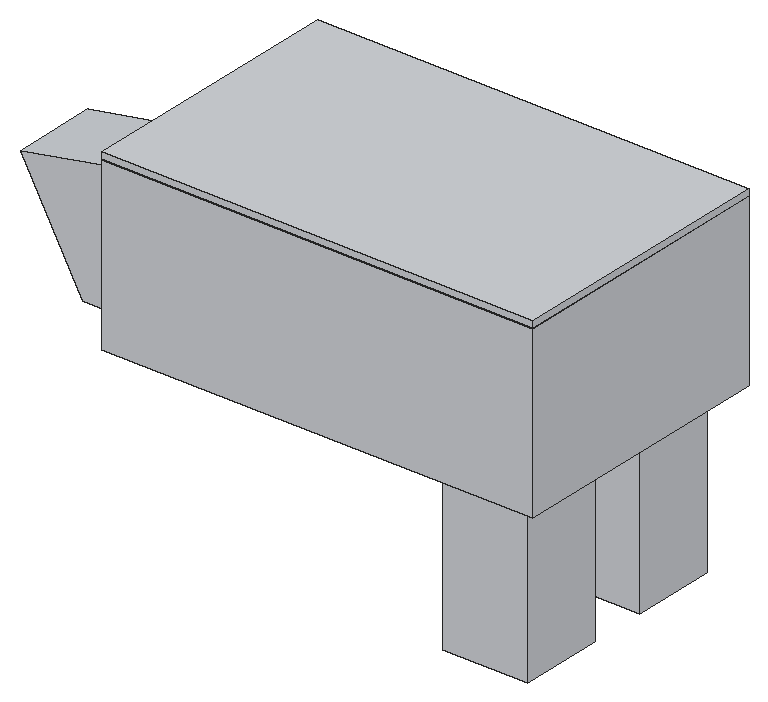
Revit family "AHU 4 _4", category Mechanické zařízení, Revit 2018
Family settings
  Kóta kulaté spojky = Použít průměr
  Typ dílu = Normální
  Číslo OmniClass = 23.75.00.00
  Nadpis OmniClass = Climate Control (HVAC)
  Založené na pracovní rovině = Ne
  Vždy vertikální = Ano
  Ořezat dutým tvarem při načtení = Ne
  Sdílené = Ne
  Bod výpočtu místnosti = Ne
Parameters (values of type "DUPLEXVENT 4500 Multi Eco-N")
  Width [instance] = 1.605 mm
  Weight [instance] = 589.00 kg
  URL = ""
  Type [instance] = "DUPLEXVENT 4500 Multi Eco-N"
  Total_SFP [instance] = 0
  Supply_outlet_hum [instance] = 90
  Supply_inlet_hum [instance] = 90
  Supply_ext_pressure [instance] = 0.0 Pa
  Supply_SFP [instance] = 0
  Source_adu_file [instance] = ""
  Recuperation_type [instance] = "Plate heat recovery exchanger"
  Recuperation_efficiency_EN308 [instance] = 0
  Project_name [instance] = ""
  Project_date [instance] = "9.8.2023"
  Power_supply_fusing [instance] = "0"
  Power_supply_cable [instance] = "0"
  Position [instance] = "AHU 4 "
  Phases_count [instance] = 3
  Panel_thickness [instance] = 0.06 mm
  Outer_surface [instance] = "RAL 9002"
  Length [instance] = 2.56 mm
  Insulation_type [instance] = "PUR"
  Insulation_thickness [instance] = 0.05 mm
  Installation_environment [instance] = ""
  Input_power_max [instance] = 5000 W
  Inner_surface [instance] = "Pozink"
  I2 [instance] = I1  # 0.0 L/s
  Height [instance] = 1.51 mm
  Exhaust_outlet_hum [instance] = 40
  Exhaust_inlet_hum [instance] = 40
  Exhaust_ext_pressure [instance] = 0.0 Pa
  Exhaust_SFP [instance] = 0
  E1 [instance] = E2 - M1  # 0.0 L/s
  E2 [instance] = 0.0 L/s
  I1 [instance] = 0.0 L/s
  Description = ""
  M1 [instance] = 0.0 L/s
  Device_dutypoint_version [instance] = "0"
  Device_design_version [instance] = "10"
  Device_adu_id [instance] = "4"
  Current_max [instance] = 7.6 A
  Casing_mat [instance] = "painted zinc layer"
  Cable type [instance] = ""
Reference planes
  plane 1 "Střed (vpředu/vzadu)": y = 0
  plane 2 "ref": z = 0
  plane 3 "Střed (vlevo/vpravo)": x = 0
Forms (mm)
  Sweep 1, solid
    path origin (0, 0, -1010) x (0, 0, 1) y (1, 0, 0)
      loop
        line (0, 0) -> (1010, 0)
    profile origin (0, 0, -1010) x (1, 0, 0) y (0, 1, 0)
      loop
        line (0, 0) -> (2560, 0) -> (2560, 1605) -> (0, 1605) -> (0, 0)
  Sweep 2, solid
    path origin (0, 0, 0) x (0, 0, 1) y (1, 0, 0)
      loop
        line (0, 0) -> (40, 0)
    profile origin (0, 0, 0) x (1, 0, 0) y (0, 1, 0)
      loop
        line (0, 0) -> (2560, 0) -> (2560, 1605) -> (0, 1605) -> (0, 0)
  Sweep 3, solid
    path origin (-310, 670, -520) x (1, 0, 0) y (0, 1, 0)
      loop
        line (0, 0) -> (0, -500)
    profile origin (-310, 670, -520) x (1, 0, 0) y (0, 0, 1)
      loop
        line (309, 395) -> (-310, 277) -> (62, -395) -> (310, -395) -> (309, 395)
  Sweep 4, solid
    path origin (0, 420, -520) x (0, 1, 0) y (-1, 0, 0)
      loop
        line (0, 0) -> (0, 1)
    profile origin (0, 420, -520) x (0, -1, 0) y (0, 0, 1)
      loop
        line (-250, -395) -> (250, -395) -> (250, 395) -> (-250, 395) -> (-250, -395)
  Sweep 5, solid
    path origin (2182, 1206, -1010) x (0, 0, -1) y (1, 0, 0)
      loop
        line (0, 0) -> (975, 0)
    profile origin (2182, 1206, -1010) x (0, -1, 0) y (1, 0, 0)
      loop
        line (-250, 250) -> (-250, -250) -> (250, -250) -> (250, 250) -> (-250, 250)
  Sweep 6, solid
    path origin (2182, 373, -1010) x (0, 0, -1) y (1, 0, 0)
      loop
        line (0, 0) -> (975, 0)
    profile origin (2182, 373, -1010) x (0, -1, 0) y (1, 0, 0)
      loop
        line (-250, 250) -> (-250, -250) -> (250, -250) -> (250, 250) -> (-250, 250)
  Sweep 7, solid
    path origin (65, 1855, -622) x (1, 0, 0) y (0, 1, 0)
      loop
        line (0, 0) -> (790, 0)
    profile origin (65, 1855, -622) x (0, 1, 0) y (0, 0, 1)
      loop
        line (-250, -388) -> (250, -388) -> (250, 138) -> (0, 388) -> (-250, 388) -> (-250, -388)
  Sweep 8, solid
    path origin (0, 0, -1010) x (0, 0, 1) y (1, 0, 0)
      loop
        line (0, 0) -> (775, 0)
    profile origin (0, 0, -1010) x (1, 0, 0) y (0, 1, 0)
      loop
        line (65, 1605) -> (855, 1605) -> (855, 1606) -> (65, 1606) -> (65, 1605)
  Sweep 9, solid
    path origin (113, 1492, -1010) x (0, -1, 0) y (0, 0, 1)
      loop
        line (0, 0) -> (0, -150)
    profile origin (113, 1492, -1010) x (-1, 0, 0) y (0, -1, 0)
      loop
        circle (0, 0) r 25
  Sweep 10, solid
    path origin (1321, 1492, -1010) x (0, -1, 0) y (0, 0, 1)
      loop
        line (0, 0) -> (0, -150)
    profile origin (1321, 1492, -1010) x (-1, 0, 0) y (0, -1, 0)
      loop
        circle (0, 0) r 25
  Sweep 11, solid
    path origin (0, 0, 5) x (0, 0, 1) y (1, 0, 0)
      loop
        line (0, 0) -> (35, 0)
    profile origin (0, 0, 5) x (1, 0, 0) y (0, 1, 0)
      loop
        line (0, 0) -> (2560, 0) -> (2560, 1605) -> (0, 1605) -> (0, 0)
Lines and regions (mm)
  model lines, style "Symbol"
    curve 1: line (1050, 0, 40) -> (1050, 321, 40)
    curve 2: line (1050, 1605, 40) -> (1050, 1284, 40)
    curve 3: line (0, 802, 40) -> (568, 802, 40)
    curve 4: line (2560, 802, 40) -> (1531, 802, 40)
    curve 5: line (568, 802, 40) -> (809, 1284, 40)
    curve 6: line (809, 1284, 40) -> (1290, 1284, 40)
    curve 7: line (1290, 1284, 40) -> (1531, 802, 40)
    curve 8: line (1531, 802, 40) -> (1290, 321, 40)
    curve 9: line (1290, 321, 40) -> (1050, 321, 40)
    curve 10: line (1050, 321, 40) -> (809, 321, 40)
    curve 11: line (809, 321, 40) -> (568, 802, 40)
    curve 12: line (2207, 1318, 40) -> (2464, 1274, 40)
    curve 13: line (2207, 1089, 40) -> (2464, 1133, 40)
    curve 14: line (126, 1091, 40) -> (170, 1348, 40)
    curve 15: line (355, 1091, 40) -> (311, 1348, 40)
    curve 16: line (51, 161, 40) -> (51, 642, 40)
    curve 17: line (51, 642, 40) -> (205, 642, 40)
    curve 18: line (205, 642, 40) -> (205, 161, 40)
    curve 19: line (205, 161, 40) -> (51, 161, 40)
    curve 20: line (128, 161, 40) -> (205, 401, 40)
    curve 21: line (128, 642, 40) -> (205, 401, 40)
    curve 22: line (2509, 642, 40) -> (2509, 161, 40)
    curve 23: line (2509, 161, 40) -> (2355, 161, 40)
    curve 24: line (2355, 161, 40) -> (2355, 642, 40)
    curve 25: line (2355, 642, 40) -> (2509, 642, 40)
    curve 26: line (2432, 642, 40) -> (2355, 401, 40)
    curve 27: line (2432, 161, 40) -> (2355, 401, 40)
    curve 28: line (722, 281, 40) -> (503, 710, 40)
    curve 29: line (503, 710, 40) -> (575, 746, 40)
    curve 30: line (575, 746, 40) -> (793, 317, 40)
    curve 31: line (793, 317, 40) -> (722, 281, 40)
    curve 32: line (591, 556, 40) -> (619, 643, 40)
    curve 33: line (678, 385, 40) -> (706, 471, 40)
    curve 34: line (80, 1492, -1010) -> (146, 1492, -1010)
    curve 35: line (113, 1459, -1010) -> (113, 1525, -1010)
    curve 36: line (1288, 1492, -1010) -> (1354, 1492, -1010)
    curve 37: line (1321, 1459, -1010) -> (1321, 1525, -1010)
    curve 38: line (0, 0, 1000) -> (0, 0, 0)
    curve 39: line (2560, 0, 1000) -> (2560, 0, 0)
    curve 40: line (0, 0, 1000) -> (2560, 0, 1000)
    curve 41: line (0, 1605, 1000) -> (0, 1605, 0)
    curve 42: line (2560, 1605, 1000) -> (2560, 1605, 0)
    curve 43: line (0, 1605, 1000) -> (2560, 1605, 1000)
    curve 44: line (0, 0, 1000) -> (0, 1605, 1000)
    curve 45: line (2560, 0, 1000) -> (2560, 1605, 1000)
    curve 46: line (0, 1405, 1000) -> (200, 1605, 1000)
    curve 47: line (0, 1205, 1000) -> (400, 1605, 1000)
    curve 48: line (0, 1005, 1000) -> (600, 1605, 1000)
    curve 49: line (0, 805, 1000) -> (800, 1605, 1000)
    curve 50: line (0, 605, 1000) -> (1000, 1605, 1000)
    curve 51: line (0, 405, 1000) -> (1200, 1605, 1000)
    curve 52: line (0, 205, 1000) -> (1400, 1605, 1000)
    curve 53: line (0, 5, 1000) -> (1600, 1605, 1000)
    curve 54: line (195, 0, 1000) -> (1800, 1605, 1000)
    curve 55: line (395, 0, 1000) -> (2000, 1605, 1000)
    curve 56: line (595, 0, 1000) -> (2200, 1605, 1000)
    curve 57: line (795, 0, 1000) -> (2400, 1605, 1000)
    curve 58: line (995, 0, 1000) -> (2560, 1565, 1000)
    curve 59: line (1195, 0, 1000) -> (2560, 1365, 1000)
    curve 60: line (1395, 0, 1000) -> (2560, 1165, 1000)
    curve 61: line (1595, 0, 1000) -> (2560, 965, 1000)
    curve 62: line (1795, 0, 1000) -> (2560, 765, 1000)
    curve 63: line (1995, 0, 1000) -> (2560, 565, 1000)
    curve 64: line (2195, 0, 1000) -> (2560, 365, 1000)
    curve 65: line (2395, 0, 1000) -> (2560, 165, 1000)
    curve 66: line (2560, 1405, 1000) -> (2560, 1605, 800)
    curve 67: line (2560, 1205, 1000) -> (2560, 1605, 600)
    curve 68: line (2560, 1005, 1000) -> (2560, 1605, 400)
    curve 69: line (2560, 805, 1000) -> (2560, 1605, 200)
    curve 70: line (2560, 605, 1000) -> (2560, 1605, 0)
    curve 71: line (2560, 405, 1000) -> (2560, 1405, 0)
    curve 72: line (2560, 205, 1000) -> (2560, 1205, 0)
    curve 73: line (2560, 5, 1000) -> (2560, 1005, 0)
    curve 74: line (2560, 0, 805) -> (2560, 805, 0)
    curve 75: line (2560, 0, 605) -> (2560, 605, 0)
    curve 76: line (2560, 0, 405) -> (2560, 405, 0)
    curve 77: line (2560, 0, 205) -> (2560, 205, 0)
    curve 78: line (2560, 0, 5) -> (2560, 5, 0)
    curve 79: line (0, 1605, 800) -> (200, 1605, 1000)
    curve 80: line (0, 1605, 600) -> (400, 1605, 1000)
    curve 81: line (0, 1605, 400) -> (600, 1605, 1000)
    curve 82: line (0, 1605, 200) -> (800, 1605, 1000)
    curve 83: line (0, 1605, 0) -> (1000, 1605, 1000)
    curve 84: line (200, 1605, 0) -> (1200, 1605, 1000)
    curve 85: line (400, 1605, 0) -> (1400, 1605, 1000)
    curve 86: line (600, 1605, 0) -> (1600, 1605, 1000)
    curve 87: line (800, 1605, 0) -> (1800, 1605, 1000)
    curve 88: line (1000, 1605, 0) -> (2000, 1605, 1000)
    curve 89: line (1200, 1605, 0) -> (2200, 1605, 1000)
    curve 90: line (1400, 1605, 0) -> (2400, 1605, 1000)
    curve 91: line (1600, 1605, 0) -> (2560, 1605, 960)
    curve 92: line (1800, 1605, 0) -> (2560, 1605, 760)
    curve 93: line (2000, 1605, 0) -> (2560, 1605, 560)
    curve 94: line (2200, 1605, 0) -> (2560, 1605, 360)
    curve 95: line (2400, 1605, 0) -> (2560, 1605, 160)
    curve 96: line (0, -700, -1010) -> (0, 0, -1010)
    curve 97: line (2560, -700, -1010) -> (2560, 0, -1010)
    curve 98: line (0, -700, -1010) -> (2560, -700, -1010)
    curve 99: line (0, -700, 0) -> (0, 0, 0)
    curve 100: line (2560, -700, 0) -> (2560, 0, 0)
    curve 101: line (0, -700, 0) -> (2560, -700, 0)
    curve 102: line (0, -700, -1010) -> (0, -700, 0)
    curve 103: line (2560, -700, -1010) -> (2560, -700, 0)
    curve 104: line (0, -700, -200) -> (200, -700, 0)
    curve 105: line (0, -700, -400) -> (400, -700, 0)
    curve 106: line (0, -700, -600) -> (600, -700, 0)
    curve 107: line (0, -700, -800) -> (800, -700, 0)
    curve 108: line (0, -700, -1000) -> (1000, -700, 0)
    curve 109: line (190, -700, -1010) -> (1200, -700, 0)
    curve 110: line (390, -700, -1010) -> (1400, -700, 0)
    curve 111: line (590, -700, -1010) -> (1600, -700, 0)
    curve 112: line (790, -700, -1010) -> (1800, -700, 0)
    curve 113: line (990, -700, -1010) -> (2000, -700, 0)
    curve 114: line (1190, -700, -1010) -> (2200, -700, 0)
    curve 115: line (1390, -700, -1010) -> (2400, -700, 0)
    curve 116: line (1590, -700, -1010) -> (2560, -700, -40)
    curve 117: line (1790, -700, -1010) -> (2560, -700, -240)
    curve 118: line (1990, -700, -1010) -> (2560, -700, -440)
    curve 119: line (2190, -700, -1010) -> (2560, -700, -640)
    curve 120: line (2390, -700, -1010) -> (2560, -700, -840)
    curve 121: line (2560, -700, -200) -> (2560, -500, 0)
    curve 122: line (2560, -700, -400) -> (2560, -300, 0)
    curve 123: line (2560, -700, -600) -> (2560, -100, 0)
    curve 124: line (2560, -700, -800) -> (2560, 0, -100)
    curve 125: line (2560, -700, -1000) -> (2560, 0, -300)
    curve 126: line (2560, -510, -1010) -> (2560, 0, -500)
    curve 127: line (2560, -310, -1010) -> (2560, 0, -700)
    curve 128: line (2560, -110, -1010) -> (2560, 0, -900)
    curve 129: line (0, -500, 0) -> (200, -700, 0)
    curve 130: line (0, -300, 0) -> (400, -700, 0)
    curve 131: line (0, -100, 0) -> (600, -700, 0)
    curve 132: line (100, 0, 0) -> (800, -700, 0)
    curve 133: line (300, 0, 0) -> (1000, -700, 0)
    curve 134: line (500, 0, 0) -> (1200, -700, 0)
    curve 135: line (700, 0, 0) -> (1400, -700, 0)
    curve 136: line (900, 0, 0) -> (1600, -700, 0)
    curve 137: line (1100, 0, 0) -> (1800, -700, 0)
    curve 138: line (1300, 0, 0) -> (2000, -700, 0)
    curve 139: line (1500, 0, 0) -> (2200, -700, 0)
    curve 140: line (1700, 0, 0) -> (2400, -700, 0)
    curve 141: line (1900, 0, 0) -> (2560, -660, 0)
    curve 142: line (2100, 0, 0) -> (2560, -460, 0)
    curve 143: line (2300, 0, 0) -> (2560, -260, 0)
    curve 144: line (2500, 0, 0) -> (2560, -60, 0)
    curve 145: line (0, 2305, 0) -> (0, 1605, 0)
    curve 146: line (2560, 2305, 0) -> (2560, 1605, 0)
    curve 147: line (0, 2305, 0) -> (2560, 2305, 0)
    curve 148: line (0, 2305, -1010) -> (0, 1605, -1010)
    curve 149: line (2560, 2305, -1010) -> (2560, 1605, -1010)
    curve 150: line (0, 2305, -1010) -> (2560, 2305, -1010)
    curve 151: line (0, 2305, 0) -> (0, 2305, -1010)
    curve 152: line (2560, 2305, 0) -> (2560, 2305, -1010)
    curve 153: line (0, 2305, -810) -> (200, 2305, -1010)
    curve 154: line (0, 2305, -610) -> (400, 2305, -1010)
    curve 155: line (0, 2305, -410) -> (600, 2305, -1010)
    curve 156: line (0, 2305, -210) -> (800, 2305, -1010)
    curve 157: line (0, 2305, -10) -> (1000, 2305, -1010)
    curve 158: line (190, 2305, 0) -> (1200, 2305, -1010)
    curve 159: line (390, 2305, 0) -> (1400, 2305, -1010)
    curve 160: line (590, 2305, 0) -> (1600, 2305, -1010)
    curve 161: line (790, 2305, 0) -> (1800, 2305, -1010)
    curve 162: line (990, 2305, 0) -> (2000, 2305, -1010)
    curve 163: line (1190, 2305, 0) -> (2200, 2305, -1010)
    curve 164: line (1390, 2305, 0) -> (2400, 2305, -1010)
    curve 165: line (1590, 2305, 0) -> (2560, 2305, -970)
    curve 166: line (1790, 2305, 0) -> (2560, 2305, -770)
    curve 167: line (1990, 2305, 0) -> (2560, 2305, -570)
    curve 168: line (2190, 2305, 0) -> (2560, 2305, -370)
    curve 169: line (2390, 2305, 0) -> (2560, 2305, -170)
    curve 170: line (2560, 2305, -810) -> (2560, 2105, -1010)
    curve 171: line (2560, 2305, -610) -> (2560, 1905, -1010)
    curve 172: line (2560, 2305, -410) -> (2560, 1705, -1010)
    curve 173: line (2560, 2305, -210) -> (2560, 1605, -910)
    curve 174: line (2560, 2305, -10) -> (2560, 1605, -710)
    curve 175: line (2560, 2115, 0) -> (2560, 1605, -510)
    curve 176: line (2560, 1915, 0) -> (2560, 1605, -310)
    curve 177: line (2560, 1715, 0) -> (2560, 1605, -110)
    curve 178: line (0, 2105, -1010) -> (200, 2305, -1010)
    curve 179: line (0, 1905, -1010) -> (400, 2305, -1010)
    curve 180: line (0, 1705, -1010) -> (600, 2305, -1010)
    curve 181: line (100, 1605, -1010) -> (800, 2305, -1010)
    curve 182: line (300, 1605, -1010) -> (1000, 2305, -1010)
    curve 183: line (500, 1605, -1010) -> (1200, 2305, -1010)
    curve 184: line (700, 1605, -1010) -> (1400, 2305, -1010)
    curve 185: line (900, 1605, -1010) -> (1600, 2305, -1010)
    curve 186: line (1100, 1605, -1010) -> (1800, 2305, -1010)
    curve 187: line (1300, 1605, -1010) -> (2000, 2305, -1010)
    curve 188: line (1500, 1605, -1010) -> (2200, 2305, -1010)
    curve 189: line (1700, 1605, -1010) -> (2400, 2305, -1010)
    curve 190: line (1900, 1605, -1010) -> (2560, 2265, -1010)
    curve 191: line (2100, 1605, -1010) -> (2560, 2065, -1010)
    curve 192: line (2300, 1605, -1010) -> (2560, 1865, -1010)
    curve 193: line (2500, 1605, -1010) -> (2560, 1665, -1010)
    curve 194: line (0, 0, 40) -> (0, 1605, 40)
    curve 195: line (0, 1605, 40) -> (1280, 1605, 40)
    curve 196: line (1280, 1605, 40) -> (1280, 0, 40)
    curve 197: line (1280, 0, 40) -> (0, 0, 40)
    curve 198: line (1280, 0, 40) -> (1280, 1605, 40)
    curve 199: line (1280, 1605, 40) -> (2560, 1605, 40)
    curve 200: line (2560, 1605, 40) -> (2560, 0, 40)
    curve 201: line (2560, 0, 40) -> (1280, 0, 40)
    curve 202: line (0, 0, 40) -> (2560, 0, 40)
    curve 203: line (0, 1605, 40) -> (2560, 1605, 40)
    curve 204: line (0, 0, 40) -> (0, 1605, 40)
    curve 205: line (2560, 0, 40) -> (2560, 1605, 40)
    curve 206: line (0, 0, 40) -> (0, 0, 5)
    curve 207: line (2560, 0, 40) -> (2560, 0, 5)
    curve 208: line (0, 1605, 40) -> (0, 1605, 5)
    curve 209: line (2560, 1605, 40) -> (2560, 1605, 5)
    curve 210: line (15, 10, -1510) -> (15, 10, -1010)
    curve 211: line (15, 10, -1010) -> (2545, 10, -1010)
    curve 212: line (2545, 10, -1010) -> (2545, 10, -1510)
    curve 213: line (2545, 10, -1510) -> (15, 10, -1510)
    curve 214: line (15, 1595, -1510) -> (15, 1595, -1010)
    curve 215: line (15, 1595, -1010) -> (2545, 1595, -1010)
    curve 216: line (2545, 1595, -1010) -> (2545, 1595, -1510)
    curve 217: line (2545, 1595, -1510) -> (15, 1595, -1510)
    curve 218: line (15, 10, -1510) -> (15, 10, -1010)
    curve 219: line (15, 10, -1010) -> (15, 1595, -1010)
    curve 220: line (15, 1595, -1010) -> (15, 1595, -1510)
    curve 221: line (15, 1595, -1510) -> (15, 10, -1510)
    curve 222: line (2545, 10, -1510) -> (2545, 10, -1010)
    curve 223: line (2545, 10, -1010) -> (2545, 1595, -1010)
    curve 224: line (2545, 1595, -1010) -> (2545, 1595, -1510)
    curve 225: line (2545, 1595, -1510) -> (2545, 10, -1510)
    curve 226: line (1005, 10, -1085) -> (1005, 10, -1335)
    curve 227: line (1005, 10, -1335) -> (1255, 10, -1335)
    curve 228: line (1255, 10, -1335) -> (1255, 10, -1085)
    curve 229: line (1255, 10, -1085) -> (1005, 10, -1085)
    curve 230: line (1030, 10, -1110) -> (1030, 10, -1310)
    curve 231: line (1030, 10, -1310) -> (1230, 10, -1310)
    curve 232: line (1230, 10, -1310) -> (1230, 10, -1110)
    curve 233: line (1230, 10, -1110) -> (1030, 10, -1110)
    curve 234: line (1005, 1595, -1085) -> (1005, 1595, -1335)
    curve 235: line (1005, 1595, -1335) -> (1255, 1595, -1335)
    curve 236: line (1255, 1595, -1335) -> (1255, 1595, -1085)
    curve 237: line (1255, 1595, -1085) -> (1005, 1595, -1085)
    curve 238: line (1030, 1595, -1110) -> (1030, 1595, -1310)
    curve 239: line (1030, 1595, -1310) -> (1230, 1595, -1310)
    curve 240: line (1230, 1595, -1310) -> (1230, 1595, -1110)
    curve 241: line (1230, 1595, -1110) -> (1030, 1595, -1110)
    curve 242: line (2235, 1595, -1085) -> (2235, 1595, -1335)
    curve 243: line (2235, 1595, -1335) -> (2485, 1595, -1335)
    curve 244: line (2485, 1595, -1335) -> (2485, 1595, -1085)
    curve 245: line (2485, 1595, -1085) -> (2235, 1595, -1085)
    curve 246: line (2260, 1595, -1110) -> (2260, 1595, -1310)
    curve 247: line (2260, 1595, -1310) -> (2460, 1595, -1310)
    curve 248: line (2460, 1595, -1310) -> (2460, 1595, -1110)
    curve 249: line (2460, 1595, -1110) -> (2260, 1595, -1110)
    curve 250: line (15, 477, -1085) -> (15, 728, -1085)
    curve 251: line (15, 728, -1085) -> (15, 728, -1335)
    curve 252: line (15, 728, -1335) -> (15, 477, -1335)
    curve 253: line (15, 477, -1335) -> (15, 477, -1085)
    curve 254: line (15, 502, -1110) -> (15, 703, -1110)
    curve 255: line (15, 703, -1110) -> (15, 703, -1310)
    curve 256: line (15, 703, -1310) -> (15, 502, -1310)
    curve 257: line (15, 502, -1310) -> (15, 502, -1110)
    curve 258: line (2545, 477, -1085) -> (2545, 728, -1085)
    curve 259: line (2545, 728, -1085) -> (2545, 728, -1335)
    curve 260: line (2545, 728, -1335) -> (2545, 477, -1335)
    curve 261: line (2545, 477, -1335) -> (2545, 477, -1085)
    curve 262: line (2545, 502, -1110) -> (2545, 703, -1110)
    curve 263: line (2545, 703, -1110) -> (2545, 703, -1310)
    curve 264: line (2545, 703, -1310) -> (2545, 502, -1310)
    curve 265: line (2545, 502, -1310) -> (2545, 502, -1110)
    curve 266: line (938, 0, -380) -> (938, 0, -630)
    curve 267: line (938, 0, -630) -> (1188, 0, -630)
    curve 268: line (1188, 0, -630) -> (1188, 0, -380)
    curve 269: line (1188, 0, -380) -> (938, 0, -380)
    curve 270: line (963, 0, -405) -> (963, 0, -605)
    curve 271: line (963, 0, -605) -> (1163, 0, -605)
    curve 272: line (1163, 0, -605) -> (1163, 0, -405)
    curve 273: line (1163, 0, -405) -> (963, 0, -405)
    curve 274: line (235, 0, -50) -> (235, 0, -960)
    curve 275: line (235, 0, -960) -> (485, 0, -960)
    curve 276: line (485, 0, -960) -> (485, 0, -50)
    curve 277: line (485, 0, -50) -> (235, 0, -50)
    curve 278: line (260, 0, -75) -> (260, 0, -935)
    curve 279: line (260, 0, -935) -> (460, 0, -935)
    curve 280: line (460, 0, -935) -> (460, 0, -75)
    curve 281: line (460, 0, -75) -> (260, 0, -75)
    curve 282: line (1495, 0, -50) -> (1495, 0, -960)
    curve 283: line (1495, 0, -960) -> (1745, 0, -960)
    curve 284: line (1745, 0, -960) -> (1745, 0, -50)
    curve 285: line (1745, 0, -50) -> (1495, 0, -50)
    curve 286: line (1520, 0, -75) -> (1520, 0, -935)
    curve 287: line (1520, 0, -935) -> (1720, 0, -935)
    curve 288: line (1720, 0, -935) -> (1720, 0, -75)
    curve 289: line (1720, 0, -75) -> (1520, 0, -75)
    curve 290: circle (2319, 1204, 40) r 161 normal (0, 0, 1)
    curve 291: circle (241, 1204, 40) r 161 normal (0, 0, 1)
    curve 292: circle (605, 599, 40) r 12 normal (0, 0, 1)
    curve 293: circle (692, 428, 40) r 12 normal (0, 0, 1)
    curve 294: circle (113, 1492, -1010) r 25 normal (0, 0, 1)
    curve 295: circle (1321, 1492, -1010) r 25 normal (0, 0, 1)
Dimensions and locks
  aligned and locked: level to plane 2 "ref"
Connectors
  hvac at (-1, 420, -520), driven by "E1"
    settings: on Sweep 4, index 1, duct flow 0.0 L/s, flow factor 0, pres drop 0.0 Pa, loss coef 0, conn angle 0.00°, conn width 10 mm, conn height 10 mm, conn diameter 609.6 mm, duct sys type 1, conn prof type 1, flow config 1, flow direction 1, loss method 0, conn ref index -1, conn util no, is conn primary yes, conn desc ""
  hvac at (2182, 1206, -1985), driven by "E2"
    settings: on Sweep 5, index 2, duct flow 0.0 L/s, flow factor 1, pres drop 0.0 Pa, loss coef 0, conn angle 0.00°, conn width 500 mm, conn height 500 mm, conn diameter 609.6 mm, duct sys type 1, conn prof type 1, flow config 2, flow direction 2, loss method 0, conn ref index -1, conn util no, is conn primary no, conn desc ""
  hvac at (2182, 373, -1985), driven by "I1"
    settings: on Sweep 6, index 3, duct flow 0.0 L/s, flow factor 1, pres drop 0.0 Pa, loss coef 0, conn angle 0.00°, conn width 500 mm, conn height 500 mm, conn diameter 609.6 mm, duct sys type 3, conn prof type 1, flow config 2, flow direction 1, loss method 0, conn ref index -1, conn util no, is conn primary no, conn desc ""
  hvac at (460, 1605.5, -235), driven by "I2"
    settings: on Sweep 8, index 4, duct flow 0.0 L/s, flow factor 0, pres drop 0.0 Pa, loss coef 0, conn angle 0.00°, conn width 10 mm, conn height 10 mm, conn diameter 609.6 mm, duct sys type 3, conn prof type 1, flow config 1, flow direction 2, loss method 0, conn ref index -1, conn util no, is conn primary no, conn desc ""
  piping at (113, 1492, -1160), diameter 40
    settings: on Sweep 9, index 5, connector inside diameter 609.6 mm, connector length 0 mm, flow factor 0, pipe flow 0.0 L/s, pressure drop 0.0 Pa, fitting loss kfactor 0, connector angle 0.00°, fixture units 0, engagement length 0 mm, angle of deflection 0.00°, flow configuration 1, flow direction 2, fitting loss method 0, system type 16, joint type 0, gender type 0, connector reference index -1, connector utility 0, adjustable connector no, is connector primary yes, connector description ""
  piping at (1321, 1492, -1160), diameter 40
    settings: on Sweep 10, index 6, connector inside diameter 609.6 mm, connector length 0 mm, flow factor 0, pipe flow 0.0 L/s, pressure drop 0.0 Pa, fitting loss kfactor 0, connector angle 0.00°, fixture units 0, engagement length 0 mm, angle of deflection 0.00°, flow configuration 1, flow direction 2, fitting loss method 0, system type 16, joint type 0, gender type 0, connector reference index -1, connector utility 0, adjustable connector no, is connector primary no, connector description ""
